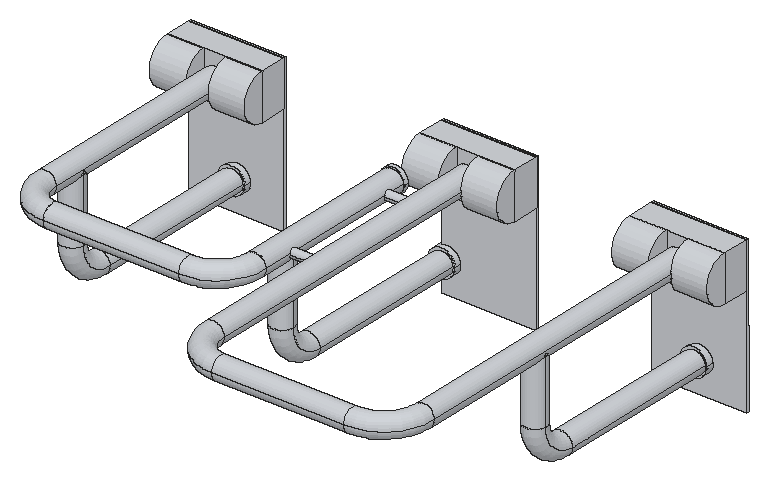
Revit family
Parameters
  Weight Limit = 330
  Warranty Duration (Years) = 0
  Unit Weight = 22.5
  URL = "http://www.pontegiulio.com"
  Specification = "http://www.arcat.com/sd/clients/pontegiu.html?coid=43483"
  Send Message = "http://www.arcat.com/users.pl?action=UserEmail&company=Ponte%20Giulio&coid=43483&rep=132&fax=877-766-8306&mf="
  Seat Width = 1' - 1"
  Sales Information = "http://www.pontegiulio.it/us/info.php"
  Revision = "R1_01-2010"
  Product Properties = "http://www.pgdb.it/schede/us/G02JDxxx28_us.pdf"
  Product Data = "http://www.arcat.com/arcatcos/cos43/arc43483.html"
  Model = "Grab Bar as Specified in 10 28 13"
  Manufacturer's Notes = ""
  Manufacturer Website = "http://www.pontegiulio.com"
  Manufacturer Phone - Toll Free = "877-766-8301 "
  Manufacturer Fax = "877-766-8306"
  Manufacturer Address = "W241 S4021 Rockwood Circle, Waukesha, WI 53189"
  Manufacturer = "Ponte Giulio"
  Maintenance Schedule (Months) = 0
  Keynote = "10 28 13"
  Installation-Fabrication = ""
  Installation Phase = ""
  Green Building-LEED = "http://www.arcat.com/green/clients/leed_data_43483.html"
  Expected Lifespan (Years) = 0
  Drawn By = "Robert S. Weygant, CSI, CDT, SCIP"
  Diameter = 0' - 1 1/4"
  Description = "Grab Bar as Specified in 10 28 13"
  Default Elevation = 2' - 0"
  Copyright = "2010 ARCAT, Inc"
  Construction Details = ""
  Building Codes = ""
  Bath Fixture Material [instance] = none
  Back Panel Thickness = 0' - 0 1/8"
  Assembly Code = "C1030200"
  AK_Seat 2 Depth = 1' - 3 1/2"
  AK_Seat 1 Depth = 1' - 9 1/2"
  AK_Include Optional Component - Y88JKSN113 Wall Protection Plate = yes
Reference planes (in)
  plane 1 "Center (Front/Back)": y = 0
  plane 2: z = 0
  plane 3 "Center (Left/Right)": x = 0
  plane 4: y = -0.125
  plane 5: x = -5.875
  plane 6: x = -8.53125
  plane 7: x = -3.21875
  plane 8: x = 5.875
  plane 9: x = 8.53125
  plane 10: x = 3.21875
  plane 11: y = -21.625
  plane 12 "CL": z = 45.73643
  plane 13: z = 40.11143
  plane 14: y = -11.625
  plane 15: y = -6.125
  plane 16: y = -3.9375
  plane 17: y = -9.40625
  plane 18: y = -7.21875
  plane 19: y = -12.71875
  plane 20: x = -8.25
  plane 21: x = -6.5
  plane 22: x = 6.5
  plane 23: y = -10.53125
  plane 24: x = -20
  plane 25: y = -15.625
  plane 26: x = -7.625
  plane 27: x = -20.625
Forms (in)
  Extrusion 1, solid, material <- "Bath Fixture Material"
    sketch origin (-13.29009, -0.125, 37.45518) x (0, 0, 1) y (0, -1, 0)
      loop
        line (7, 1.5) -> (7, 0) -> (9.5625, 0) -> (9.5625, 1.5) -> (7, 1.5)
    from 4.75884 to 10.07134
  Revolve 2, solid, material <- "Bath Fixture Material"
    sketch origin (-13.29009, -1.625, 37.45518) x (0, 0, -1) y (1, 0, 0)
      loop
        line (-8.28125, 4.75884) -> (-7, 4.75884) -> (-7, 6.79009) -> (-8.28125, 6.79009) -> (-8.28125, 4.75884)
      loop
        line (-8.28125, 10.07134) -> (-8.28125, 8.04009) -> (-7, 8.04009) -> (-7, 10.07134) -> (-8.28125, 10.07134)
      axis (-8.28125, 4.75884) -> (-8.28125, 10.07134)
    angle from 180 to 360
  Extrusion 3, solid, material <- "Bath Fixture Material"
    sketch origin (13.29009, -0.125, 37.45518) x (0, 0, 1) y (0, 1, 0)
      loop
        line (7, -1.5) -> (9.5625, -1.5) -> (9.5625, 0) -> (7, 0) -> (7, -1.5)
    from 4.75884 to 10.07134
  Revolve 4, solid, material <- "Bath Fixture Material"
    sketch origin (13.29009, -1.625, 37.45518) x (0, 0, -1) y (1, 0, 0)
      loop
        line (-8.28125, -4.75884) -> (-8.28125, -6.79009) -> (-7, -6.79009) -> (-7, -4.75884) -> (-8.28125, -4.75884)
      loop
        line (-8.28125, -10.07134) -> (-7, -10.07134) -> (-7, -8.04009) -> (-8.28125, -8.04009) -> (-8.28125, -10.07134)
      axis (-8.28125, -4.75884) -> (-8.28125, -10.07134)
    angle from 180 to 360
  Sweep 5, solid, material <- "Bath Fixture Material"
    path in 3D
      loop
        line (-5.875, -1.625, 45.73643) -> (-5.875, -19.4375, 45.73643)
        arc (-5.875, -19.4375, 45.73643) -> (-5.2343, -20.9843, 45.73643) -> (-3.6875, -21.625, 45.73643) r 2.1875
        line (-3.6875, -21.625, 45.73643) -> (3.6875, -21.625, 45.73643)
        arc (3.6875, -21.625, 45.73643) -> (5.2343, -20.9843, 45.73643) -> (5.875, -19.4375, 45.73643) r 2.1875
        line (5.875, -19.4375, 45.73643) -> (5.875, -1.625, 45.73643)
    profile origin (-5.875, -10.53125, 45.73643) x (1, 0, 0) y (0, 0, 1)
      loop
        circle (0, 0) r 0.625
  Sweep 6, solid, material <- "Bath Fixture Material"
    path in 3D
      loop
        line (-8.25, -11.625, 45.73643) -> (-8.25, -11.625, 41.96797)
        arc (-8.25, -11.625, 41.96797) -> (-8.25, -11.08123, 40.6552) -> (-8.25, -9.76846, 40.11143) r 1.85654
        line (-8.25, -9.76846, 40.11143) -> (-8.25, 0, 40.11143)
    profile origin (-8.25, -11.625, 43.8522) x (1, 0, 0) y (0, 1, 0)
      loop
        circle (0, 0) r 0.625
  Sweep 7, solid, material <- "Bath Fixture Material"
    path in 3D
      loop
        line (5.875, -11.625, 45.73643) -> (5.875, -11.625, 41.96797)
        arc (5.875, -11.625, 41.96797) -> (5.875, -11.08123, 40.6552) -> (5.875, -9.76846, 40.11143) r 1.85654
        line (5.875, -9.76846, 40.11143) -> (5.875, 0, 40.11143)
    profile origin (5.875, -11.625, 43.8522) x (1, 0, 0) y (0, 1, 0)
      loop
        circle (0, 0) r 0.625
  Extrusion 8, solid, material <- "Bath Fixture Material"
    sketch origin (0, 0, 0) x (1, 0, 0) y (0, 0, 1)
      loop
        circle (-8.25, 40.11143) r 0.75
      loop
        circle (5.875, 40.11143) r 0.75
      loop
        circle (-20, 40.11143) r 0.75
    from 0 to 0.5
  Extrusion 9, solid, material <- "Bath Fixture Material", not visible
    sketch origin (-9.82813, -8.29404, 0) x (-1, 0, 0) y (0, 0, 1)
      loop
        line (-15.70313, 46.36143) -> (-3.95313, 46.36143)
        arc (-3.95313, 46.36143) -> (-3.51118, 46.17837) -> (-3.32813, 45.73643) r 0.625
        line (-3.32813, 45.73643) -> (-3.26563, 45.73643)
        arc (-3.26563, 45.73643) -> (-3.46699, 46.22256) -> (-3.95313, 46.42393) r 0.6875
        line (-3.95313, 46.42393) -> (-15.70313, 46.42393)
        arc (-15.70313, 46.42393) -> (-16.18926, 46.22256) -> (-16.39063, 45.73643) r 0.6875
        line (-16.39063, 45.73643) -> (-16.32813, 45.73643)
        arc (-16.32813, 45.73643) -> (-16.14507, 46.17837) -> (-15.70313, 46.36143) r 0.625
    from 2.16904 to 4.35654
  Extrusion 10, solid, material <- "Bath Fixture Material", not visible
    sketch origin (-9.82813, -10.25, 0) x (-1, 0, 0) y (0, 0, 1)
      loop
        line (-15.70313, 46.36143) -> (-3.95313, 46.36143)
        arc (-3.95313, 46.36143) -> (-3.51118, 46.17837) -> (-3.32813, 45.73643) r 0.625
        line (-3.32813, 45.73643) -> (-3.26563, 45.73643)
        arc (-3.26563, 45.73643) -> (-3.46699, 46.22256) -> (-3.95313, 46.42393) r 0.6875
        line (-3.95313, 46.42393) -> (-15.70313, 46.42393)
        arc (-15.70313, 46.42393) -> (-16.18926, 46.22256) -> (-16.39063, 45.73643) r 0.6875
        line (-16.39063, 45.73643) -> (-16.32813, 45.73643)
        arc (-16.32813, 45.73643) -> (-16.14507, 46.17837) -> (-15.70313, 46.36143) r 0.625
    from -2.46875 to -0.28125
  Extrusion 11, solid, material <- "Bath Fixture Material", not visible
    sketch origin (-9.82812, -11.04404, 0) x (-1, 0, 0) y (0, 0, 1)
      loop
        line (-15.70313, 46.36143) -> (-3.95313, 46.36143)
        arc (-3.95313, 46.36143) -> (-3.51118, 46.17837) -> (-3.32813, 45.73643) r 0.625
        line (-3.32813, 45.73643) -> (-3.26563, 45.73643)
        arc (-3.26563, 45.73643) -> (-3.46699, 46.22256) -> (-3.95313, 46.42393) r 0.6875
        line (-3.95313, 46.42393) -> (-15.70313, 46.42393)
        arc (-15.70313, 46.42393) -> (-16.18926, 46.22256) -> (-16.39063, 45.73643) r 0.6875
        line (-16.39063, 45.73643) -> (-16.32813, 45.73643)
        arc (-16.32813, 45.73643) -> (-16.14507, 46.17837) -> (-15.70313, 46.36143) r 0.625
    from 1.63779 to 3.82529
  Extrusion 12, solid, material <- "Bath Fixture Material", visible <- "AK_Include Optional Component - Y88JKSN113 Wall Protection Plate"
    sketch origin (0, 0, -3.0625) x (1, 0, 0) y (0, 0, 1)
      loop
        line (-8.53125, 50.08018) -> (-8.53125, 41.39268) -> (-3.21875, 41.39268) -> (-3.21875, 50.08018) -> (-8.53125, 50.08018)
      loop
        line (8.53125, 50.08018) -> (3.21875, 50.08018) -> (3.21875, 41.39268) -> (8.53125, 41.39268) -> (8.53125, 50.08018)
      loop
        line (-22.65625, 50.08018) -> (-22.65625, 41.39268) -> (-17.34375, 41.39268) -> (-17.34375, 50.08018) -> (-22.65625, 50.08018)
    from 0 to 0.125
  Sweep 13, solid, material <- "Bath Fixture Material"
    path in 3D
      loop
        line (-20, -0.125, 45.73643) -> (-20, -13.53125, 45.73643)
        arc (-20, -13.53125, 45.73643) -> (-19.38675, -15.01175, 45.73643) -> (-17.90625, -15.625, 45.73643) r 2.09375
        line (-17.90625, -15.625, 45.73643) -> (-10.34375, -15.625, 45.73643)
        arc (-10.34375, -15.625, 45.73643) -> (-8.86325, -15.01175, 45.73643) -> (-8.25, -13.53125, 45.73643) r 2.09375
        line (-8.25, -13.53125, 45.73643) -> (-8.25, -3.9375, 45.73643)
    profile origin (-20, -6.82813, 45.73643) x (1, 0, 0) y (0, 0, 1)
      loop
        circle (0, 0) r 0.625
  Extrusion 14, solid, material <- "Bath Fixture Material"
    sketch origin (0, 0, 0) x (1, 0, 0) y (0, 0, 1)
      loop
        circle (-8.25, 45.73643) r 0.6875
    from 3.9375 to 3.6875
  Sweep 15, solid, material <- "Bath Fixture Material"
    path in 3D
      loop
        line (-20, -11.625, 45.73643) -> (-20, -11.625, 41.96797)
        arc (-20, -11.625, 41.96797) -> (-20, -11.08123, 40.6552) -> (-20, -9.76846, 40.11143) r 1.85654
        line (-20, -9.76846, 40.11143) -> (-20, 0, 40.11143)
    profile origin (-20, -11.625, 43.8522) x (1, 0, 0) y (0, 1, 0)
      loop
        circle (0, 0) r 0.625
  Extrusion 16, solid, material <- "Bath Fixture Material"
    sketch origin (0, 0, 0) x (0, 1, 0) y (0, 0, 1)
      loop
        circle (-11.625, 45.73643) r 0.25
      loop
        circle (-5.03125, 45.73643) r 0.25
    from -8.25 to -5.875
  Extrusion 17, solid, material <- "Bath Fixture Material"
    sketch origin (-27.41509, -0.125, 37.45518) x (0, 0, 1) y (0, -1, 0)
      loop
        line (7, 1.5) -> (7, 0) -> (9.5625, 0) -> (9.5625, 1.5) -> (7, 1.5)
    from 4.75884 to 10.07134
  Revolve 18, solid, material <- "Bath Fixture Material"
    sketch origin (-27.41509, -1.625, 37.45518) x (0, 0, -1) y (1, 0, 0)
      loop
        line (-8.28125, 4.75884) -> (-7, 4.75884) -> (-7, 6.79009) -> (-8.28125, 6.79009) -> (-8.28125, 4.75884)
      loop
        line (-8.28125, 10.07134) -> (-8.28125, 8.04009) -> (-7, 8.04009) -> (-7, 10.07134) -> (-8.28125, 10.07134)
      axis (-8.28125, 4.75884) -> (-8.28125, 10.07134)
    angle from 180 to 360
  Extrusion 19, solid, material <- "Bath Fixture Material", not visible
    sketch origin (-23.95313, -8.71875, 0) x (-1, 0, 0) y (0, 0, 1)
      loop
        line (-15.70313, 46.36143) -> (-3.95313, 46.36143)
        arc (-3.95313, 46.36143) -> (-3.51118, 46.17837) -> (-3.32813, 45.73643) r 0.625
        line (-3.32813, 45.73643) -> (-3.26563, 45.73643)
        arc (-3.26563, 45.73643) -> (-3.46699, 46.22256) -> (-3.95313, 46.42393) r 0.6875
        line (-3.95313, 46.42393) -> (-15.70313, 46.42393)
        arc (-15.70313, 46.42393) -> (-16.18926, 46.22256) -> (-16.39063, 45.73643) r 0.6875
        line (-16.39063, 45.73643) -> (-16.32813, 45.73643)
        arc (-16.32813, 45.73643) -> (-16.14507, 46.17837) -> (-15.70313, 46.36143) r 0.625
    from 2.59375 to 4.78125
  Extrusion 20, solid, material <- "Bath Fixture Material", not visible
    sketch origin (-23.95313, -10.34375, 0) x (-1, 0, 0) y (0, 0, 1)
      loop
        line (-15.70313, 46.36143) -> (-3.95313, 46.36143)
        arc (-3.95313, 46.36143) -> (-3.51118, 46.17837) -> (-3.32813, 45.73643) r 0.625
        line (-3.32813, 45.73643) -> (-3.26563, 45.73643)
        arc (-3.26563, 45.73643) -> (-3.46699, 46.22256) -> (-3.95313, 46.42393) r 0.6875
        line (-3.95313, 46.42393) -> (-15.70313, 46.42393)
        arc (-15.70313, 46.42393) -> (-16.18926, 46.22256) -> (-16.39063, 45.73643) r 0.6875
        line (-16.39063, 45.73643) -> (-16.32813, 45.73643)
        arc (-16.32813, 45.73643) -> (-16.14507, 46.17837) -> (-15.70313, 46.36143) r 0.625
    from -2.375 to -0.18184
  Extrusion 21, solid, material <- "Bath Fixture Material", not visible
    sketch origin (-23.95312, -11.1875, 0) x (-1, 0, 0) y (0, 0, 1)
      loop
        line (-15.70313, 46.36143) -> (-3.95313, 46.36143)
        arc (-3.95313, 46.36143) -> (-3.51118, 46.17837) -> (-3.32813, 45.73643) r 0.625
        line (-3.32813, 45.73643) -> (-3.26563, 45.73643)
        arc (-3.26563, 45.73643) -> (-3.46699, 46.22256) -> (-3.95313, 46.42393) r 0.6875
        line (-3.95313, 46.42393) -> (-15.70313, 46.42393)
        arc (-15.70313, 46.42393) -> (-16.18926, 46.22256) -> (-16.39063, 45.73643) r 0.6875
        line (-16.39063, 45.73643) -> (-16.32813, 45.73643)
        arc (-16.32813, 45.73643) -> (-16.14507, 46.17837) -> (-15.70313, 46.36143) r 0.625
    from 1.78125 to 3.96875
  Extrusion 22, solid, material <- "Bath Fixture Material", not visible
    sketch origin (-9.82813, -16.5, 0) x (-1, 0, 0) y (0, 0, 1)
      loop
        line (-15.70313, 46.36143) -> (-3.95313, 46.36143)
        arc (-3.95313, 46.36143) -> (-3.51118, 46.17837) -> (-3.32813, 45.73643) r 0.625
        line (-3.32813, 45.73643) -> (-3.26563, 45.73643)
        arc (-3.26563, 45.73643) -> (-3.46699, 46.22256) -> (-3.95313, 46.42393) r 0.6875
        line (-3.95313, 46.42393) -> (-15.70313, 46.42393)
        arc (-15.70313, 46.42393) -> (-16.18926, 46.22256) -> (-16.39063, 45.73643) r 0.6875
        line (-16.39063, 45.73643) -> (-16.32813, 45.73643)
        arc (-16.32813, 45.73643) -> (-16.14507, 46.17837) -> (-15.70313, 46.36143) r 0.625
    from -2.79971 to -0.61221
  Extrusion 23, solid, material <- "Bath Fixture Material", not visible
    sketch origin (-9.82812, -17.54404, 0) x (-1, 0, 0) y (0, 0, 1)
      loop
        line (-15.70313, 46.36143) -> (-3.95313, 46.36143)
        arc (-3.95313, 46.36143) -> (-3.51118, 46.17837) -> (-3.32813, 45.73643) r 0.625
        line (-3.32813, 45.73643) -> (-3.26563, 45.73643)
        arc (-3.26563, 45.73643) -> (-3.46699, 46.22256) -> (-3.95313, 46.42393) r 0.6875
        line (-3.95313, 46.42393) -> (-15.70313, 46.42393)
        arc (-15.70313, 46.42393) -> (-16.18926, 46.22256) -> (-16.39063, 45.73643) r 0.6875
        line (-16.39063, 45.73643) -> (-16.32813, 45.73643)
        arc (-16.32813, 45.73643) -> (-16.14507, 46.17837) -> (-15.70313, 46.36143) r 0.625
    from 1.54404 to 3.73154
Lines and regions (in)
  model lines
    curve 1: line (-5.875, -1.5, 45.73643) -> (-5.875, -19.4375, 45.73643)
    curve 2: line (-3.6875, -21.625, 45.73643) -> (3.6875, -21.625, 45.73643)
    curve 3: line (5.875, -19.4375, 45.73643) -> (5.875, -1.5, 45.73643)
    curve 4: arc (-5.875, -19.4375, 45.73643) -> (-5.2343, -20.9843, 45.73643) -> (-3.6875, -21.625, 45.73643) r 2.1875
    curve 5: arc (3.6875, -21.625, 45.73643) -> (5.2343, -20.9843, 45.73643) -> (5.875, -19.4375, 45.73643) r 2.1875
    curve 6: line (5.875, -11.625, 45.73643) -> (5.875, -11.625, 41.96797)
    curve 7: line (5.875, -9.76846, 40.11143) -> (5.875, 0, 40.11143)
    curve 8: arc (5.875, -11.625, 41.96797) -> (5.875, -11.08123, 40.6552) -> (5.875, -9.76846, 40.11143) r 1.85654
    curve 9: line (-8.25, -11.625, 45.73643) -> (-8.25, -11.625, 41.96797)
    curve 10: line (-8.25, -9.76846, 40.11143) -> (-8.25, 0, 40.11143)
    curve 11: arc (-8.25, -11.625, 41.96797) -> (-8.25, -11.08123, 40.6552) -> (-8.25, -9.76846, 40.11143) r 1.85654
    curve 23: line (-20, -0.125, 45.73643) -> (-20, -13.53125, 45.73643)
    curve 24: line (-17.90625, -15.625, 45.73643) -> (-10.34375, -15.625, 45.73643)
    curve 25: line (-8.25, -13.53125, 45.73643) -> (-8.25, -3.9375, 45.73643)
    curve 26: arc (-20, -13.53125, 45.73643) -> (-19.38675, -15.01175, 45.73643) -> (-17.90625, -15.625, 45.73643) r 2.09375
    curve 27: arc (-10.34375, -15.625, 45.73643) -> (-8.86325, -15.01175, 45.73643) -> (-8.25, -13.53125, 45.73643) r 2.09375
    curve 33: line (-20, -11.625, 45.73643) -> (-20, -11.625, 41.96797)
    curve 34: line (-20, -9.76846, 40.11143) -> (-20, 0, 40.11143)
    curve 35: arc (-20, -11.625, 41.96797) -> (-20, -11.08123, 40.6552) -> (-20, -9.76846, 40.11143) r 1.85654
  sketch lines
    curve 12: line (-5.875, -1.625, 45.73643) -> (-5.875, -19.4375, 45.73643)
    curve 13: arc (-5.875, -19.4375, 45.73643) -> (-5.2343, -20.9843, 45.73643) -> (-3.6875, -21.625, 45.73643) r 2.1875
    curve 14: line (-3.6875, -21.625, 45.73643) -> (3.6875, -21.625, 45.73643)
    curve 15: arc (3.6875, -21.625, 45.73643) -> (5.2343, -20.9843, 45.73643) -> (5.875, -19.4375, 45.73643) r 2.1875
    curve 16: line (5.875, -19.4375, 45.73643) -> (5.875, -1.625, 45.73643)
    curve 17: line (-8.25, -11.625, 45.73643) -> (-8.25, -11.625, 41.96797)
    curve 18: arc (-8.25, -11.625, 41.96797) -> (-8.25, -11.08123, 40.6552) -> (-8.25, -9.76846, 40.11143) r 1.85654
    curve 19: line (-8.25, -9.76846, 40.11143) -> (-8.25, 0, 40.11143)
    curve 20: line (5.875, -11.625, 45.73643) -> (5.875, -11.625, 41.96797)
    curve 21: arc (5.875, -11.625, 41.96797) -> (5.875, -11.08123, 40.6552) -> (5.875, -9.76846, 40.11143) r 1.85654
    curve 22: line (5.875, -9.76846, 40.11143) -> (5.875, 0, 40.11143)
    curve 28: line (-20, -0.125, 45.73643) -> (-20, -13.53125, 45.73643)
    curve 29: arc (-20, -13.53125, 45.73643) -> (-19.38675, -15.01175, 45.73643) -> (-17.90625, -15.625, 45.73643) r 2.09375
    curve 30: line (-17.90625, -15.625, 45.73643) -> (-10.34375, -15.625, 45.73643)
    curve 31: arc (-10.34375, -15.625, 45.73643) -> (-8.86325, -15.01175, 45.73643) -> (-8.25, -13.53125, 45.73643) r 2.09375
    curve 32: line (-8.25, -13.53125, 45.73643) -> (-8.25, -3.9375, 45.73643)
    curve 36: line (-20, -11.625, 45.73643) -> (-20, -11.625, 41.96797)
    curve 37: arc (-20, -11.625, 41.96797) -> (-20, -11.08123, 40.6552) -> (-20, -9.76846, 40.11143) r 1.85654
    curve 38: line (-20, -9.76846, 40.11143) -> (-20, 0, 40.11143)
Dimensions and locks (in)
  Extrusion 1 sketch curve to Extrusion 1 sketch curve = 0' - 2 9/16"  (x2)
  "Back Panel Thickness": plane 4 to plane 1 "Center (Front/Back)"
  Extrusion 3 sketch curve to Extrusion 3 sketch curve = 0' - 2 9/16"  (x2)
  equal spacing: plane 6, plane 5, plane 7, locked at 2.65625 each
  locked: plane 6 to plane 7 at 5.3125
  equal spacing: plane 10, plane 8, plane 9, locked at 2.65625 each
  locked: plane 10 to plane 9 at 5.3125
  locked: Revolve 2 sketch curve to Revolve 2 sketch curve at 2.03125  (x2)
  locked: Revolve 4 sketch curve to Revolve 4 sketch curve at 2.03125  (x2)
  equal spacing: plane 5, plane 3 "Center (Left/Right)", plane 8
  locked: plane 5 to plane 8 at 11.75
  "AK_Seat 1 Depth": plane 11 to plane 4
  locked: plane 12 "CL" to plane 13 at 5.625
  locked: plane 14 to plane 4 at 11.5
  locked: plane 18 to plane 17 at 2.1875
  plane 1 "Center (Front/Back)" to plane 16 = 0' - 3 15/16"
  locked: plane 20 to plane 21 at 1.75
  locked: plane 16 to plane 15 at 2.1875
  plane 17 to plane 23 = 0' - 1 1/8"
  plane 15 to plane 18 = 0' - 1 3/32"
  locked: plane 24 to plane 20 at 11.75
  "AK_Seat 2 Depth": plane 25 to plane 4
  Extrusion 17 sketch curve to Extrusion 17 sketch curve = 0' - 2 9/16"  (x2)
  locked: Revolve 18 sketch curve to Revolve 18 sketch curve at 2.03125  (x2)
  locked: plane 23 to plane 19 at 2.1875
  aligned and locked: Revolve 2 sketch curve to Extrusion 1  (x3)
  aligned and locked: Extrusion 1 to Revolve 2 sketch curve
  aligned and locked: Extrusion 1 to plane 4
  aligned and locked: Extrusion 1 to Revolve 2  (x2)
  aligned and locked: Revolve 4 sketch curve to Extrusion 3
  aligned and locked: Extrusion 3 to Revolve 4 sketch curve
  aligned and locked: Revolve 4 to Extrusion 3  (x2)
  aligned and locked: plane 6 to Extrusion 1
  aligned and locked: Revolve 2 to Extrusion 1
  aligned and locked: Extrusion 1 to plane 7
  aligned and locked: plane 9 to Extrusion 3
  aligned and locked: Extrusion 3 to Revolve 4
  aligned and locked: Extrusion 3 to plane 10
  aligned and locked: Extrusion 3 to plane 4
  aligned and locked: Revolve 4 sketch curve to plane 9
  aligned and locked: Revolve 4 sketch curve to plane 10
  aligned and locked: plane 5 to Extrusion 11 sketch curve  (x2)
  aligned and locked: plane 8 to Extrusion 11 sketch curve  (x2)
  aligned and locked: plane 8 to Extrusion 9 sketch curve
  aligned and locked: plane 5 to Extrusion 9 sketch curve
  aligned and locked: plane 5 to Extrusion 10 sketch curve  (x2)
  aligned and locked: plane 8 to Extrusion 10 sketch curve  (x2)
  aligned and locked: plane 6 to Extrusion 12 sketch curve
  aligned and locked: plane 7 to Extrusion 12 sketch curve
  aligned and locked: Extrusion 12 sketch curve to plane 10
  aligned and locked: Extrusion 12 sketch curve to plane 9
  aligned and locked: Extrusion 1 to Extrusion 3
  aligned and locked: Extrusion 12 to plane 1 "Center (Front/Back)"
  aligned and locked: curve 2 to plane 11
  aligned and locked: plane 16 to Extrusion 9
  aligned and locked: plane 15 to Extrusion 9
  aligned and locked: plane 18 to Extrusion 11
  aligned and locked: Extrusion 11 to plane 17
  aligned and locked: Extrusion 10 to plane 23
  aligned and locked: Extrusion 10 to plane 19
  aligned and locked: Extrusion 14 to plane 16
  aligned and locked: Extrusion 16 to plane 20
  aligned and locked: Extrusion 16 to plane 5
  aligned and locked: Revolve 18 sketch curve to Extrusion 17  (x3)
  aligned and locked: Extrusion 17 to Revolve 18 sketch curve
  aligned and locked: Extrusion 17 to Revolve 18  (x2)
  aligned and locked: Revolve 18 to Extrusion 17
  aligned and locked: Extrusion 8 to plane 1 "Center (Front/Back)"
  aligned and locked: Extrusion 19 to plane 15
  aligned and locked: Extrusion 9 to Extrusion 19
  aligned and locked: plane 16 to Extrusion 19
  aligned and locked: Extrusion 11 to Extrusion 21
  aligned and locked: Extrusion 21 to Extrusion 11
  aligned and locked: plane 18 to Extrusion 21
  aligned and locked: Extrusion 21 to plane 17
  aligned and locked: Extrusion 20 to Extrusion 10
  aligned and locked: Extrusion 20 to plane 19
Automatic sketch dimensions
  Extrusion 1 sketch curve to plane 4 = 0' - 0"
  plane 12 "CL" to Extrusion 1 sketch curve = 0' - 1 9/32"
  Extrusion 1 sketch curve to Extrusion 1 sketch curve = 0' - 1 1/2"
  Revolve 2 sketch curve to plane 12 "CL" = 0' - 0"  (x3)
  Revolve 2 sketch curve to plane 27 = 0' - 4.2285"
  plane 3 "Center (Left/Right)" to Revolve 2 sketch curve = 0' - 0.43769"
  Extrusion 3 sketch curve to plane 4 = 0' - 0"
  plane 12 "CL" to Extrusion 3 sketch curve = 0' - 1 9/32"
  Extrusion 3 sketch curve to Extrusion 3 sketch curve = 0' - 1 1/2"
  Revolve 4 sketch curve to plane 12 "CL" = 0' - 0"  (x3)
  plane 22 to Revolve 4 sketch curve = 0' - 0.64221"
  plane 9 to Revolve 4 sketch curve = 1' - 6.11853"
  curve 23 to plane 4 = 0' - 0"
  curve 1 to plane 5 = 0' - 0"
  curve 3 to plane 8 = 0' - 0"
  curve 25 to plane 16 = 0' - 0"
  curve 26 to plane 24 = 0' - 0"
  curve 25 to plane 20 = 0' - 0"
  curve 27 to plane 25 = 0' - 0"
  plane 4 to curve 1 = 0' - 1 3/8"
  plane 4 to curve 3 = 0' - 1 3/8"
  curve 26 to plane 19 = 0' - 0 13/16"
  curve 27 to plane 19 = 0' - 0 13/16"
  plane 11 to curve 5 = 0' - 2 3/16"
  plane 11 to curve 4 = 0' - 2 3/16"
  curve 7 to plane 1 "Center (Front/Back)" = 0' - 0"
  curve 7 to plane 13 = 0' - 0"
  curve 8 to plane 14 = 0' - 0"
  curve 6 to plane 12 "CL" = 0' - 0"
  plane 17 to curve 7 = 0' - 0.36221"
  Sweep 5 sketch curve to profile plane = 0' - 0"  (x2)
  Sweep 6 sketch curve to profile plane = 0' - 0"  (x2)
  Sweep 7 sketch curve to profile plane = 0' - 0"  (x2)
  Extrusion 8 sketch curve to plane 13 = 0' - 0"  (x3)
  Extrusion 8 sketch curve to plane 24 = 0' - 0"
  Extrusion 8 sketch curve to plane 20 = 0' - 0"
  Extrusion 8 sketch curve to plane 8 = 0' - 0"
  Extrusion 9 sketch curve to Extrusion 9 sketch curve = 0' - 0"  (x4)
  Extrusion 9 sketch curve to plane 12 "CL" = 0' - 0"  (x2)
  Extrusion 9 sketch curve to plane 22 = 0' - 0"
  plane 22 to Extrusion 9 sketch curve = 0' - 0 1/16"
  Extrusion 10 sketch curve to Extrusion 10 sketch curve = 0' - 0"  (x2)
  Extrusion 10 sketch curve to plane 12 "CL" = 0' - 0"  (x2)
  Extrusion 10 sketch curve to plane 22 = 0' - 0"
  plane 22 to Extrusion 10 sketch curve = 0' - 0 1/16"
  Extrusion 11 sketch curve to Extrusion 11 sketch curve = 0' - 0"  (x2)
  Extrusion 11 sketch curve to plane 12 "CL" = 0' - 0"  (x2)
  Extrusion 11 sketch curve to plane 22 = 0' - 0"
  Extrusion 11 sketch curve to Extrusion 11 sketch curve = 0' - 0 1/16"
  Sweep 13 sketch curve to profile plane = 0' - 0"  (x2)
  Extrusion 14 sketch curve to plane 12 "CL" = 0' - 0"
  Extrusion 14 sketch curve to plane 20 = 0' - 0"
  curve 9 to plane 14 = 0' - 0"
  curve 11 to plane 13 = 0' - 0"
  curve 10 to plane 1 "Center (Front/Back)" = 0' - 0"
  curve 9 to plane 12 "CL" = 0' - 0"
  curve 11 to plane 17 = 0' - 0.36221"
  curve 33 to plane 14 = 0' - 0"
  curve 35 to plane 13 = 0' - 0"
  curve 34 to plane 1 "Center (Front/Back)" = 0' - 0"
  curve 33 to plane 12 "CL" = 0' - 0"
  curve 35 to plane 17 = 0' - 0.36221"
  Sweep 15 sketch curve to profile plane = 0' - 0"  (x2)
  Extrusion 16 sketch curve to plane 12 "CL" = 0' - 0"  (x2)
  Extrusion 16 sketch curve to plane 14 = 0' - 0"
  plane 15 to Extrusion 16 sketch curve = 0' - 1 3/32"
  Extrusion 17 sketch curve to plane 4 = 0' - 0"
  plane 12 "CL" to Extrusion 17 sketch curve = 0' - 1 9/32"
  Extrusion 17 sketch curve to Extrusion 17 sketch curve = 0' - 1 1/2"
  Revolve 18 sketch curve to plane 12 "CL" = 0' - 0"  (x3)
  Revolve 18 sketch curve to Revolve 18 sketch curve = 1' - 4.32225"
  Revolve 18 sketch curve to Revolve 18 sketch curve = 0' - 3.65644"
  Extrusion 19 sketch curve to Extrusion 19 sketch curve = 0' - 0"  (x4)
  Extrusion 19 sketch curve to plane 12 "CL" = 0' - 0"  (x2)
  Extrusion 19 sketch curve to plane 26 = 0' - 0"
  Extrusion 19 sketch curve to plane 20 = 0' - 0"
  Extrusion 19 sketch curve to plane 24 = 0' - 0"
  plane 26 to Extrusion 19 sketch curve = 0' - 0 1/16"
  Extrusion 20 sketch curve to Extrusion 20 sketch curve = 0' - 0"  (x4)
  Extrusion 20 sketch curve to plane 12 "CL" = 0' - 0"  (x2)
  Extrusion 20 sketch curve to plane 26 = 0' - 0"
  Extrusion 20 sketch curve to plane 20 = 0' - 0"
  Extrusion 20 sketch curve to plane 24 = 0' - 0"
  plane 26 to Extrusion 20 sketch curve = 0' - 0 1/16"
  Extrusion 21 sketch curve to Extrusion 21 sketch curve = 0' - 0"  (x4)
  Extrusion 21 sketch curve to plane 12 "CL" = 0' - 0"  (x2)
  Extrusion 21 sketch curve to plane 26 = 0' - 0"
  Extrusion 21 sketch curve to plane 20 = 0' - 0"
  Extrusion 21 sketch curve to plane 24 = 0' - 0"
  Extrusion 21 sketch curve to Extrusion 21 sketch curve = 0' - 0 1/16"
  Extrusion 22 sketch curve to Extrusion 22 sketch curve = 0' - 0"  (x4)
  Extrusion 22 sketch curve to plane 12 "CL" = 0' - 0"  (x2)
  Extrusion 22 sketch curve to plane 22 = 0' - 0"
  Extrusion 22 sketch curve to plane 8 = 0' - 0"
  Extrusion 22 sketch curve to plane 5 = 0' - 0"
  plane 22 to Extrusion 22 sketch curve = 0' - 0 1/16"
  Extrusion 23 sketch curve to Extrusion 23 sketch curve = 0' - 0"  (x4)
  Extrusion 23 sketch curve to plane 12 "CL" = 0' - 0"  (x2)
  Extrusion 23 sketch curve to plane 22 = 0' - 0"
  Extrusion 23 sketch curve to plane 8 = 0' - 0"
  Extrusion 23 sketch curve to plane 5 = 0' - 0"
  plane 22 to Extrusion 23 sketch curve = 0' - 0 1/16"
  Extrusion 12 sketch curve to plane 13 = 0' - 1 25/32"  (x3)
  plane 24 to Extrusion 12 sketch curve = 0' - 2 21/32"
  Extrusion 12 sketch curve to plane 27 = 0' - 2 1/32"
  Extrusion 12 sketch curve to plane 12 "CL" = 0' - 1 9/32"  (x3)
  radius of Sweep 5 sketch curve = 0' - 0 5/8"
  radius of Sweep 6 sketch curve = 0' - 0 5/8"
  radius of Sweep 7 sketch curve = 0' - 0 5/8"
  radius of Extrusion 8 sketch curve = 0' - 0 3/4"  (x3)
  radius of Sweep 13 sketch curve = 0' - 0 5/8"
  radius of Extrusion 14 sketch curve = 0' - 0 11/16"
  radius of Sweep 15 sketch curve = 0' - 0 5/8"
  radius of Extrusion 16 sketch curve = 0' - 0 1/4"  (x2)
